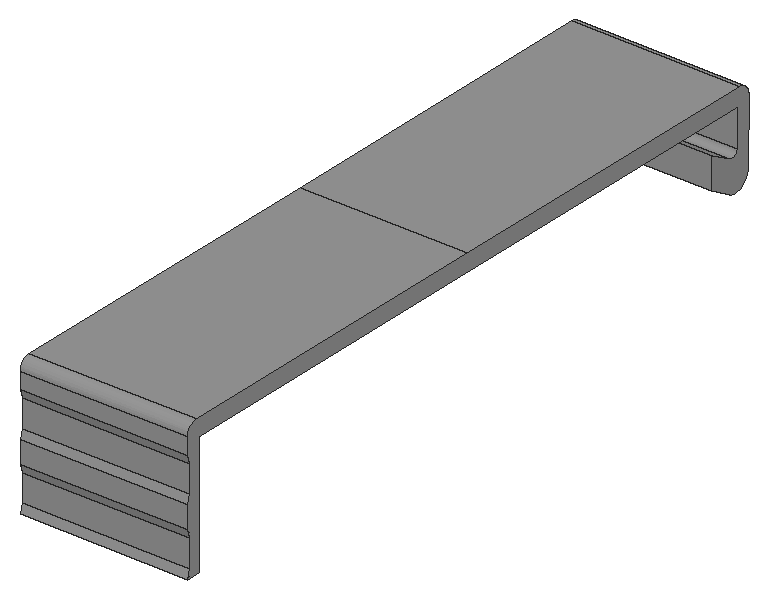
Revit family "Mounting Brackets PNR-07500", category Generic Models, Revit 2017
Family settings
  Can host rebar = No
  Round Connector Dimension = Use Diameter
  Part Type = Normal
  Work Plane-Based = Yes
  Always vertical = No
  Cut with Voids When Loaded = No
  Shared = No
  Room Calculation Point = No
Parameters (values of type "B3-R")
  Pendulum Visiblity = no
  Pendulum Start = 23.4 mm
  Pendulum Height [instance] = 250 mm
  Define - Bracket Article Number = "https://www.veko.com/images/documentation/products/Manual_Veko_linear_system_IP20-65_brackets.pdf"
  Default Elevation = 1219.2 mm
  Bracket Article Number = "*User Defined"
  B7-R = no
  B3-R = yes
  B1-R = no
  Mounting_Material = Aluminum 7175 T73 0 Hot Formed
  Model = "B3-R"
  Manufacturer = "Veko Lightsystems"
  Description = "Mounting Brackets"
  Bracket_Width = 15 mm
  Copyright © IVLighting = "www.ivlighting.nl"
  Bolt_Visibility = yes
  Bolt_Material = Brass, Soft Yellow, Welded
  Assembly Code = "63.0"
  (!) Note To User = "No Pendulum for BT30-R, BT45-R, BT60-R"  # constant formula
Reference planes
  plane 1 "Center (Front/Back)": y = 0
  plane 2: z = 0
  plane 3 "Center (Left/Right)": x = 0
Forms (mm)
  Extrusion 1, solid, material "Aluminum 7175 T73 0 Hot Formed" <- "Mounting_Material", visible <- "B1-R", not visible
    sketch origin (0, 0, 0) x (0, 1, 0) y (0, 0, 1)
      loop
        line (27.316, 16.457) -> (29.324, 15.313)
        arc (29.324, 15.313) -> (30.74, 15.32) -> (31.447, 16.548) r 1.42
        line (31.447, 16.548) -> (31.447, 22.478)
        arc (31.447, 22.478) -> (31.154, 23.185) -> (30.447, 23.478) r 1
        line (30.447, 23.478) -> (23.401, 23.478) -> (22.79, 22.866) -> (0.76, 22.866) -> (0.76, 39.839) -> (-0.76, 39.839) -> (-0.76, 22.866) -> (-22.79, 22.866) -> (-23.401, 23.478) -> (-30.447, 23.478)
        arc (-30.447, 23.478) -> (-31.154, 23.185) -> (-31.447, 22.478) r 1
        line (-31.447, 22.478) -> (-31.447, 16.548)
        arc (-31.447, 16.548) -> (-30.74, 15.32) -> (-29.324, 15.313) r 1.42
        line (-29.324, 15.313) -> (-27.316, 16.457) -> (-27.316, 19.29) -> (-29.392, 18.108)
        arc (-29.392, 18.108) -> (-29.937, 18.113) -> (-30.233, 18.572) r 0.575
        line (-30.233, 18.572) -> (-30.233, 21.978) -> (0, 21.978) -> (30.233, 21.978) -> (30.233, 18.572)
        arc (30.233, 18.572) -> (29.937, 18.113) -> (29.392, 18.108) r 0.575
        line (29.392, 18.108) -> (27.316, 19.29) -> (27.316, 16.457)
    from -7.5 to 7.5
  Extrusion 2, solid, material "Aluminum 7175 T73 0 Hot Formed" <- "Mounting_Material", visible <- "B3-R", not visible
    sketch origin (0, 0, 0) x (0, 1, 0) y (0, 0, 1)
      loop
        line (27.316, 16.457) -> (29.324, 15.313)
        arc (29.324, 15.313) -> (30.74, 15.32) -> (31.447, 16.548) r 1.42
        line (31.447, 16.548) -> (31.447, 22.478)
        arc (31.447, 22.478) -> (31.154, 23.185) -> (30.447, 23.478) r 1
        line (30.447, 23.478) -> (0, 23.478) -> (-30.447, 23.478)
        arc (-30.447, 23.478) -> (-31.154, 23.185) -> (-31.447, 22.478) r 1
        line (-31.447, 22.478) -> (-31.447, 20.993) -> (-31.171, 20.234) -> (-31.171, 17.78) -> (-31.447, 17.02) -> (-31.447, 15) -> (-31.171, 14.241) -> (-31.171, 11.786) -> (-31.447, 11.027) -> (-30.233, 11.027) -> (-30.233, 21.978) -> (0, 21.978) -> (30.233, 21.978) -> (30.233, 18.572)
        arc (30.233, 18.572) -> (29.937, 18.113) -> (29.392, 18.108) r 0.575
        line (29.392, 18.108) -> (27.316, 19.29) -> (27.316, 16.457)
    from -7.5 to 7.5
  Extrusion 3, solid, material "Aluminum 7175 T73 0 Hot Formed" <- "Mounting_Material", not visible
    sketch origin (0, 0, 0) x (0, 1, 0) y (0, 0, 1)
      loop
        line (27.316, 16.457) -> (29.324, 15.313)
        arc (29.324, 15.313) -> (30.74, 15.32) -> (31.447, 16.548) r 1.42
        line (31.447, 16.548) -> (31.447, 22.478)
        arc (31.447, 22.478) -> (31.154, 23.185) -> (30.447, 23.478) r 1
        line (30.447, 23.478) -> (0, 23.478) -> (-30.447, 23.478)
        arc (-30.447, 23.478) -> (-31.154, 23.185) -> (-31.447, 22.478) r 1
        line (-31.447, 22.478) -> (-31.447, 20.993) -> (-31.171, 20.234) -> (-31.171, 17.78) -> (-31.447, 17.02) -> (-31.447, 15) -> (-31.171, 14.241) -> (-31.171, 11.786) -> (-31.447, 11.027) -> (-30.233, 11.027) -> (-30.233, 21.978) -> (0, 21.978) -> (30.233, 21.978) -> (30.233, 18.572)
        arc (30.233, 18.572) -> (29.937, 18.113) -> (29.392, 18.108) r 0.575
        line (29.392, 18.108) -> (27.316, 19.29) -> (27.316, 16.457)
    from -7.5 to 7.5
  Extrusion 4, solid, material "Aluminum 7175 T73 0 Hot Formed" <- "Mounting_Material", not visible
    sketch origin (0, 0, 0) x (1, 0, 0) y (0, 1, 0)
      loop
        line (0, 10.171) -> (-8.808, 5.085) -> (-8.808, -5.085) -> (-8.808, -15.775) -> (1.45, -15.775) -> (1.45, -12.61) -> (-6.497, -12.61) -> (-6.497, -10.171) -> (0, -10.171) -> (8.808, -5.085) -> (8.808, 5.085) -> (8.808, 15.743) -> (-1.182, 15.743) -> (-1.182, 12.579) -> (6.497, 12.579) -> (6.497, 10.171) -> (0, 10.171)
    from 23.478 to 24.111
  Extrusion 5, solid, material "Aluminum 7175 T73 0 Hot Formed" <- "Mounting_Material", not visible
    sketch origin (4.609, -28.355, 0.16) x (-0.981627, 0, -0.190809) y (0, -1, 0)
      loop
        line (-8.808, -12.579) -> (-11.549, -14.161) -> (-8.808, -15.743) -> (-1.345, -15.743) -> (-1.345, -12.579) -> (-8.808, -12.579)
    from 23.478 to 24.111
  Extrusion 6, solid, material "Aluminum 7175 T73 0 Hot Formed" <- "Mounting_Material", not visible
    sketch origin (0, 0, 0) x (0, 1, 0) y (0, 0, 1)
      loop
        line (30.233, 21.978) -> (30.233, 20.905) -> (31.447, 20.905) -> (31.447, 22.478)
        arc (31.447, 22.478) -> (31.154, 23.185) -> (30.447, 23.478) r 1
        line (30.447, 23.478) -> (0, 23.478) -> (-30.447, 23.478)
        arc (-30.447, 23.478) -> (-31.154, 23.185) -> (-31.447, 22.478) r 1
        line (-31.447, 22.478) -> (-31.447, 20.905) -> (-30.233, 20.905) -> (-30.233, 21.978) -> (0, 21.978) -> (30.233, 21.978)
    from -7.5 to 7.5
  Extrusion 7, solid, material "Aluminum 7175 T73 0 Hot Formed" <- "Mounting_Material", not visible
    sketch origin (0, 0, 0) x (1, 0, 0) y (0, 0, 1)
      loop
        line (-15, 20.905) -> (-15, 15.847) -> (-10, 15.847) -> (-10, 20.905) -> (-15, 20.905)
      loop
        line (15, 20.905) -> (10, 20.905) -> (10, 15.851) -> (15, 15.851) -> (15, 20.905)
    from 30.233 to 31.447
  Extrusion 8, solid, material "Aluminum 7175 T73 0 Hot Formed" <- "Mounting_Material", not visible
    sketch origin (0, -4.92, -6.328) x (0, 0.958613, -0.284711) y (0, 0.284711, 0.958613)
      loop
        line (-32.138, 13.312) -> (-28.462, 16.989) -> (-29.144, 17.671) -> (-32.821, 13.994) -> (-32.138, 13.312)
    from -10.76 to 10.938
  Extrusion 9, solid, material "Aluminum 7175 T73 0 Hot Formed" <- "Mounting_Material", not visible
    sketch origin (0, 0, 0) x (1, 0, 0) y (0, 0, -1)
      loop
        line (-15, -20.905) -> (-10, -20.905) -> (-10, -15.847) -> (-15, -15.847) -> (-15, -20.905)
      loop
        line (15, -20.905) -> (15, -15.851) -> (10, -15.851) -> (10, -20.905) -> (15, -20.905)
    from 30.233 to 31.447
  Extrusion 10, solid, material "Aluminum 7175 T73 0 Hot Formed" <- "Mounting_Material", not visible
    sketch origin (0, 4.92, -6.328) x (0, -0.958613, -0.284711) y (0, 0.284711, -0.958613)
      loop
        line (-32.138, -13.312) -> (-32.821, -13.994) -> (-29.144, -17.671) -> (-28.462, -16.989) -> (-32.138, -13.312)
    from -10.76 to 10.938
  Extrusion 11, solid, material "Aluminum 7175 T73 0 Hot Formed" <- "Mounting_Material", not visible
    sketch origin (0, 0, 0) x (1, 0, 0) y (0, 0, 1)
      loop
        line (-3.185, 23.478) -> (3.185, 23.478) -> (3.185, 28.478)
        arc (3.185, 28.478) -> (2.24, 30.663) -> (0, 31.469) r 2.997
        arc (0, 31.469) -> (-2.24, 30.663) -> (-3.185, 28.478) r 2.997
        line (-3.185, 28.478) -> (-3.185, 23.478)
      loop
        circle (0, 29.23) r 1.368
    from -0.341 to 0.325
  Extrusion 12, solid, material "Aluminum 7175 T73 0 Hot Formed" <- "Mounting_Material", not visible
    sketch origin (0, 0, 0) x (0, 1, 0) y (0, 0, 1)
      loop
        line (30.233, 28.853) -> (30.233, 20.905) -> (31.447, 20.905) -> (31.447, 29.353)
        arc (31.447, 29.353) -> (31.154, 30.06) -> (30.447, 30.353) r 1
        line (30.447, 30.353) -> (0, 30.353) -> (-30.447, 30.353)
        arc (-30.447, 30.353) -> (-31.154, 30.06) -> (-31.447, 29.353) r 1
        line (-31.447, 29.353) -> (-31.447, 20.905) -> (-30.233, 20.905) -> (-30.233, 28.853) -> (-22.988, 28.853) -> (-18.15, 21.943) -> (0, 21.943) -> (18.15, 21.943) -> (22.988, 28.853) -> (30.233, 28.853)
      loop
        line (21.048, 28.853) -> (0, 28.853) -> (-21.048, 28.853) -> (-17.172, 23.317) -> (0, 23.317) -> (17.172, 23.317) -> (21.048, 28.853)
    from -7.5 to 7.5
  Extrusion 13, solid, material "Aluminum 7175 T73 0 Hot Formed" <- "Mounting_Material", not visible
    sketch origin (0, 0, 0) x (1, 0, 0) y (0, 0, 1)
      loop
        line (-15, 19.866) -> (-15, 15.847) -> (-10, 15.847) -> (-10, 19.866) -> (-15, 19.866)
      loop
        line (15, 19.866) -> (10, 19.866) -> (10, 15.851) -> (15, 15.851) -> (15, 19.866)
    from 30.233 to 31.447
  Extrusion 14, solid, material "Aluminum 7175 T73 0 Hot Formed" <- "Mounting_Material", not visible
    sketch origin (0, -4.92, -6.328) x (0, 0.958613, -0.284711) y (0, 0.284711, 0.958613)
      loop
        line (-32.138, 13.312) -> (-28.462, 16.989) -> (-29.144, 17.671) -> (-32.821, 13.994) -> (-32.138, 13.312)
    from -10.76 to 10.938
  Extrusion 15, solid, material "Aluminum 7175 T73 0 Hot Formed" <- "Mounting_Material", not visible
    sketch origin (0, 0, 0) x (1, 0, 0) y (0, 0, -1)
      loop
        line (-15, -19.866) -> (-10, -19.866) -> (-10, -15.847) -> (-15, -15.847) -> (-15, -19.866)
      loop
        line (15, -19.866) -> (15, -15.851) -> (10, -15.851) -> (10, -19.866) -> (15, -19.866)
    from 30.233 to 31.447
  Extrusion 16, solid, material "Aluminum 7175 T73 0 Hot Formed" <- "Mounting_Material", not visible
    sketch origin (0, 4.92, -6.328) x (0, -0.958613, -0.284711) y (0, 0.284711, -0.958613)
      loop
        line (-32.138, -13.312) -> (-32.821, -13.994) -> (-29.144, -17.671) -> (-28.462, -16.989) -> (-32.138, -13.312)
    from -10.76 to 10.938
  Extrusion 17, solid, material "Aluminum 7175 T73 0 Hot Formed" <- "Mounting_Material", not visible
    sketch origin (0, 0, 0) x (1, 0, 0) y (0, 0, 1)
      loop
        line (-15, 19.866) -> (-10, 19.866) -> (-10, 20.695) -> (10, 20.695) -> (10, 19.866) -> (15, 19.866)
        arc (15, 19.866) -> (11.572, 22.197) -> (7.5, 22.978) r 10.238
        line (7.5, 22.978) -> (0, 22.978) -> (-7.5, 22.978)
        arc (-7.5, 22.978) -> (-11.572, 22.197) -> (-15, 19.866) r 10.238
    from 30.233 to 31.447
  Extrusion 18, solid, material "Aluminum 7175 T73 0 Hot Formed" <- "Mounting_Material", not visible
    sketch origin (0, 0, 0) x (1, 0, 0) y (0, 0, -1)
      loop
        arc (-15, -19.866) -> (-11.572, -22.197) -> (-7.5, -22.978) r 10.238
        line (-7.5, -22.978) -> (0, -22.978) -> (7.5, -22.978)
        arc (7.5, -22.978) -> (11.572, -22.197) -> (15, -19.866) r 10.238
        line (15, -19.866) -> (10, -19.866) -> (10, -20.695) -> (-10, -20.695) -> (-10, -19.866) -> (-15, -19.866)
    from 30.233 to 31.447
  Extrusion 19, solid, material "Aluminum 7175 T73 0 Hot Formed" <- "Mounting_Material", not visible
    sketch origin (-4.333, -0.014, 0.175) x (0.981627, 0, -0.190809) y (0, 1, 0)
      loop
        line (-8.808, 12.579) -> (-1.345, 12.579) -> (-1.345, 15.743) -> (-8.808, 15.743) -> (-11.549, 14.161) -> (-8.808, 12.579)
    from 23.478 to 24.111
  Extrusion 20, solid, material "Aluminum 7175 T73 0 Hot Formed" <- "Mounting_Material", not visible
    sketch origin (0, 0, 0) x (0, 1, 0) y (0, 0, 1)
      loop
        line (30.233, 28.853) -> (30.233, 20.905) -> (31.447, 20.905) -> (31.447, 29.353)
        arc (31.447, 29.353) -> (31.154, 30.06) -> (30.447, 30.353) r 1
        line (30.447, 30.353) -> (0, 30.353) -> (-30.447, 30.353)
        arc (-30.447, 30.353) -> (-31.154, 30.06) -> (-31.447, 29.353) r 1
        line (-31.447, 29.353) -> (-31.447, 20.905) -> (-30.233, 20.905) -> (-30.233, 28.853) -> (-22.988, 28.853) -> (-18.806, 22.881) -> (0, 22.881) -> (18.806, 22.881) -> (22.988, 28.853) -> (30.233, 28.853)
      loop
        line (21.048, 28.853) -> (0, 28.853) -> (-21.048, 28.853) -> (-17.828, 24.255) -> (0, 24.255) -> (17.828, 24.255) -> (21.048, 28.853)
    from -7.5 to 7.5
  Extrusion 21, solid, material "Aluminum 7175 T73 0 Hot Formed" <- "Mounting_Material", not visible
    sketch origin (0, 0, 0) x (1, 0, 0) y (0, 0, 1)
      loop
        line (-15, 19.866) -> (-15, 15.847) -> (-10, 15.847) -> (-10, 19.866) -> (-15, 19.866)
      loop
        line (15, 19.866) -> (10, 19.866) -> (10, 15.851) -> (15, 15.851) -> (15, 19.866)
    from 30.233 to 31.447
  Extrusion 22, solid, material "Aluminum 7175 T73 0 Hot Formed" <- "Mounting_Material", not visible
    sketch origin (0, -4.92, -6.328) x (0, 0.958613, -0.284711) y (0, 0.284711, 0.958613)
      loop
        line (-32.138, 13.312) -> (-28.462, 16.989) -> (-29.144, 17.671) -> (-32.821, 13.994) -> (-32.138, 13.312)
    from -10.76 to 10.938
  Extrusion 23, solid, material "Aluminum 7175 T73 0 Hot Formed" <- "Mounting_Material", not visible
    sketch origin (0, 0, 0) x (1, 0, 0) y (0, 0, -1)
      loop
        line (-15, -19.866) -> (-10, -19.866) -> (-10, -15.847) -> (-15, -15.847) -> (-15, -19.866)
      loop
        line (15, -19.866) -> (15, -15.851) -> (10, -15.851) -> (10, -19.866) -> (15, -19.866)
    from 30.233 to 31.447
  Extrusion 24, solid, material "Aluminum 7175 T73 0 Hot Formed" <- "Mounting_Material", not visible
    sketch origin (0, 4.92, -6.328) x (0, -0.958613, -0.284711) y (0, 0.284711, -0.958613)
      loop
        line (-32.138, -13.312) -> (-32.821, -13.994) -> (-29.144, -17.671) -> (-28.462, -16.989) -> (-32.138, -13.312)
    from -10.76 to 10.938
  Extrusion 25, solid, material "Aluminum 7175 T73 0 Hot Formed" <- "Mounting_Material", not visible
    sketch origin (0, 0, 0) x (1, 0, 0) y (0, 0, 1)
      loop
        line (-15, 19.866) -> (-10, 19.866) -> (-10, 20.695) -> (10, 20.695) -> (10, 19.866) -> (15, 19.866)
        arc (15, 19.866) -> (11.572, 22.197) -> (7.5, 22.978) r 10.238
        line (7.5, 22.978) -> (0, 22.978) -> (-7.5, 22.978)
        arc (-7.5, 22.978) -> (-11.572, 22.197) -> (-15, 19.866) r 10.238
    from 30.233 to 31.447
  Extrusion 26, solid, material "Aluminum 7175 T73 0 Hot Formed" <- "Mounting_Material", not visible
    sketch origin (0, 0, 0) x (1, 0, 0) y (0, 0, -1)
      loop
        arc (-15, -19.866) -> (-11.572, -22.197) -> (-7.5, -22.978) r 10.238
        line (-7.5, -22.978) -> (0, -22.978) -> (7.5, -22.978)
        arc (7.5, -22.978) -> (11.572, -22.197) -> (15, -19.866) r 10.238
        line (15, -19.866) -> (10, -19.866) -> (10, -20.695) -> (-10, -20.695) -> (-10, -19.866) -> (-15, -19.866)
    from 30.233 to 31.447
  Extrusion 27, solid, material "Aluminum 7175 T73 0 Hot Formed" <- "Mounting_Material", not visible
    sketch origin (0, 0, 0) x (0, 1, 0) y (0, 0, 1)
      loop
        line (27.316, 16.457) -> (29.324, 15.313)
        arc (29.324, 15.313) -> (30.74, 15.32) -> (31.447, 16.548) r 1.42
        line (31.447, 16.548) -> (31.447, 22.478)
        arc (31.447, 22.478) -> (31.154, 23.185) -> (30.447, 23.478) r 1
        line (30.447, 23.478) -> (0.813, 23.478) -> (0.813, 35.978) -> (0, 35.978) -> (-0.813, 35.978) -> (-0.813, 23.478) -> (-30.447, 23.478)
        arc (-30.447, 23.478) -> (-31.154, 23.185) -> (-31.447, 22.478) r 1
        line (-31.447, 22.478) -> (-31.447, 20.993) -> (-31.171, 20.234) -> (-31.171, 17.78) -> (-31.447, 17.02) -> (-31.447, 15) -> (-31.171, 14.241) -> (-31.171, 11.786) -> (-31.447, 11.027) -> (-30.233, 11.027) -> (-30.233, 21.978) -> (0, 21.978) -> (30.233, 21.978) -> (30.233, 18.572)
        arc (30.233, 18.572) -> (29.937, 18.113) -> (29.392, 18.108) r 0.575
        line (29.392, 18.108) -> (27.316, 19.29) -> (27.316, 16.457)
    from -7.5 to 7.5
  Extrusion 28, solid, material "Aluminum 7175 T73 0 Hot Formed" <- "Mounting_Material", visible <- "B7-R", not visible
    sketch origin (0, 0, 0) x (0, 1, 0) y (0, 0, 1)
      loop
        line (27.316, 16.457) -> (29.324, 15.313)
        arc (29.324, 15.313) -> (30.74, 15.32) -> (31.447, 16.548) r 1.42
        line (31.447, 16.548) -> (31.447, 22.478) -> (3.042, 88.4) -> (1.542, 88.4) -> (0.731, 88.182) -> (-4.388, 88.182) -> (-5.154, 88.387)
        arc (-5.154, 88.387) -> (-5.737, 88.059) -> (-5.969, 87.431) r 0.969
        line (-5.969, 87.431) -> (-5.969, 85.938) -> (-5, 85.938) -> (-5, 87.4) -> (2.065, 87.4) -> (29.608, 23.478) -> (0, 23.478) -> (-30.447, 23.478)
        arc (-30.447, 23.478) -> (-31.154, 23.185) -> (-31.447, 22.478) r 1
        line (-31.447, 22.478) -> (-31.447, 20.993) -> (-31.171, 20.234) -> (-31.171, 17.78) -> (-31.447, 17.02) -> (-31.447, 15) -> (-31.171, 14.241) -> (-31.171, 11.786) -> (-31.447, 11.027) -> (-30.233, 11.027) -> (-30.233, 21.978) -> (0, 21.978) -> (30.233, 21.978) -> (30.233, 18.572)
        arc (30.233, 18.572) -> (29.937, 18.113) -> (29.392, 18.108) r 0.575
        line (29.392, 18.108) -> (27.316, 19.29) -> (27.316, 16.457)
    from -7.5 to 7.5
  Extrusion 29, solid, material "Aluminum 7175 T73 0 Hot Formed" <- "Mounting_Material", not visible
    sketch origin (0, 0, 0) x (0, 1, 0) y (0, 0, 1)
      loop
        line (27.316, 16.457) -> (29.324, 15.313)
        arc (29.324, 15.313) -> (30.74, 15.32) -> (31.447, 16.548) r 1.42
        line (31.447, 16.548) -> (31.447, 21.978) -> (32.247, 21.978)
        arc (32.247, 21.978) -> (33.17, 22.227) -> (33.843, 22.906) r 1.837
        line (33.843, 22.906) -> (49.45, 50.32) -> (48.147, 51.062) -> (32.443, 23.478) -> (0, 23.478) -> (-30.447, 23.478)
        arc (-30.447, 23.478) -> (-31.154, 23.185) -> (-31.447, 22.478) r 1
        line (-31.447, 22.478) -> (-31.447, 16.548)
        arc (-31.447, 16.548) -> (-30.74, 15.32) -> (-29.324, 15.313) r 1.42
        line (-29.324, 15.313) -> (-27.316, 16.457) -> (-27.316, 19.29) -> (-29.392, 18.108)
        arc (-29.392, 18.108) -> (-29.937, 18.113) -> (-30.233, 18.572) r 0.575
        line (-30.233, 18.572) -> (-30.233, 21.978) -> (0, 21.978) -> (30.233, 21.978) -> (30.233, 18.572)
        arc (30.233, 18.572) -> (29.937, 18.113) -> (29.392, 18.108) r 0.575
        line (29.392, 18.108) -> (27.316, 19.29) -> (27.316, 16.457)
    from -7.5 to 7.5
  Extrusion 30, solid, material "Aluminum 7175 T73 0 Hot Formed" <- "Mounting_Material", not visible
    sketch origin (0, 85, 0) x (0, 1, 0) y (0, 0, 1)
      loop
        line (-54.767, 11.027) -> (-53.77, 11.027) -> (-54.165, 11.855) -> (-54.165, 14.107) -> (-53.77, 15.038) -> (-53.77, 17.847) -> (-54.165, 18.798) -> (-54.165, 21.05) -> (-53.771, 21.978) -> (-52.753, 21.978)
        arc (-52.753, 21.978) -> (-51.83, 22.227) -> (-51.157, 22.906) r 1.837
        line (-51.157, 22.906) -> (-45.238, 33.302) -> (-46.542, 34.044) -> (-52.557, 23.478) -> (-55.118, 23.478) -> (-55.955, 23.254) -> (-58.249, 23.254) -> (-59.086, 23.478) -> (-61.38, 23.478) -> (-62.217, 23.254) -> (-64.512, 23.254) -> (-65.348, 23.478) -> (-67.643, 23.478) -> (-68.48, 23.254) -> (-70.774, 23.254) -> (-71.611, 23.478) -> (-73.905, 23.478) -> (-74.742, 23.254) -> (-77.036, 23.254) -> (-77.873, 23.478) -> (-80.167, 23.478) -> (-81.004, 23.254) -> (-83.299, 23.254) -> (-84.135, 23.478) -> (-86.43, 23.478) -> (-87.267, 23.254) -> (-89.561, 23.254) -> (-90.398, 23.478) -> (-92.692, 23.478) -> (-93.529, 23.254) -> (-95.823, 23.254) -> (-96.66, 23.478) -> (-98.954, 23.478) -> (-99.791, 23.254) -> (-102.086, 23.254) -> (-102.922, 23.478) -> (-105.217, 23.478) -> (-106.053, 23.254) -> (-108.348, 23.254) -> (-109.185, 23.478) -> (-111.479, 23.478) -> (-112.316, 23.254) -> (-114.61, 23.254) -> (-115.447, 23.478)
        arc (-115.447, 23.478) -> (-116.154, 23.185) -> (-116.447, 22.478) r 1
        line (-116.447, 22.478) -> (-116.054, 21.554) -> (-116.054, 17.516) -> (-116.45, 16.565)
        arc (-116.45, 16.565) -> (-115.743, 15.334) -> (-114.323, 15.324) r 1.426
        line (-114.323, 15.324) -> (-112.316, 16.457) -> (-112.316, 19.29) -> (-114.392, 18.108)
        arc (-114.392, 18.108) -> (-114.937, 18.113) -> (-115.233, 18.572) r 0.575
        line (-115.233, 18.572) -> (-115.233, 21.978) -> (-85, 21.978) -> (-54.767, 21.978) -> (-54.767, 11.027)
    from -7.5 to 7.5
  Extrusion 31, solid, material "Aluminum 7175 T73 0 Hot Formed" <- "Mounting_Material", not visible
    sketch origin (0, 0, 48.659) x (0, 1, 0) y (0, 0, 1)
      loop
        line (30.233, -37.632) -> (31.23, -37.632) -> (30.835, -36.805) -> (30.835, -34.552) -> (31.23, -33.621) -> (31.23, -30.812) -> (30.835, -29.862) -> (30.835, -27.609) -> (31.229, -26.865) -> (51.053, -26.865)
        arc (51.053, -26.865) -> (51.914, -26.658) -> (52.589, -26.084) r 1.9
        line (52.589, -26.084) -> (60.792, -17.377) -> (59.701, -16.348) -> (51.378, -25.181) -> (48.669, -25.181) -> (47.832, -25.405) -> (45.538, -25.405) -> (44.701, -25.181) -> (42.406, -25.181) -> (41.57, -25.405) -> (39.275, -25.405) -> (38.439, -25.181) -> (36.144, -25.181) -> (35.307, -25.405) -> (33.013, -25.405) -> (32.176, -25.181) -> (29.882, -25.181) -> (29.045, -25.405) -> (26.751, -25.405) -> (25.914, -25.181) -> (23.62, -25.181) -> (22.783, -25.405) -> (20.488, -25.405) -> (19.652, -25.181) -> (17.357, -25.181) -> (16.52, -25.405) -> (14.226, -25.405) -> (13.389, -25.181) -> (11.095, -25.181) -> (10.258, -25.405) -> (7.964, -25.405) -> (7.127, -25.181) -> (4.833, -25.181) -> (3.996, -25.405) -> (1.701, -25.405) -> (0.865, -25.181) -> (-1.43, -25.181) -> (-2.267, -25.405) -> (-4.561, -25.405) -> (-5.398, -25.181) -> (-7.692, -25.181) -> (-8.529, -25.405) -> (-10.823, -25.405) -> (-11.66, -25.181) -> (-13.954, -25.181) -> (-14.791, -25.405) -> (-17.086, -25.405) -> (-17.922, -25.181) -> (-20.217, -25.181) -> (-21.053, -25.405) -> (-23.348, -25.405) -> (-24.185, -25.181) -> (-26.479, -25.181) -> (-27.316, -25.405) -> (-29.61, -25.405) -> (-30.447, -25.181)
        arc (-30.447, -25.181) -> (-31.154, -25.474) -> (-31.447, -26.181) r 1
        line (-31.447, -26.181) -> (-31.054, -27.106) -> (-31.054, -31.143) -> (-31.45, -32.094)
        arc (-31.45, -32.094) -> (-30.743, -33.325) -> (-29.323, -33.336) r 1.426
        line (-29.323, -33.336) -> (-27.316, -32.203) -> (-27.316, -29.37) -> (-29.392, -30.552)
        arc (-29.392, -30.552) -> (-29.937, -30.546) -> (-30.233, -30.087) r 0.575
        line (-30.233, -30.087) -> (-30.233, -26.681) -> (0, -26.681) -> (30.233, -26.681) -> (30.233, -37.632)
    from -7.5 to 7.5
  Extrusion 32, solid, material "Aluminum 7175 T73 0 Hot Formed" <- "Mounting_Material", not visible
    sketch origin (-0.121, 0, 7.036) x (1, 0, 0) y (0, 1, 0)
      loop
        line (0, 10.171) -> (-8.808, 5.085) -> (-8.808, -5.085) -> (-8.808, -15.775) -> (1.45, -15.775) -> (1.45, -12.61) -> (-6.497, -12.61) -> (-6.497, -10.171) -> (0, -10.171) -> (8.808, -5.085) -> (8.808, 5.085) -> (8.808, 15.743) -> (-1.182, 15.743) -> (-1.182, 12.579) -> (6.497, 12.579) -> (6.497, 10.171) -> (0, 10.171)
    from 23.478 to 24.111
  Extrusion 33, solid, material "Aluminum 7175 T73 0 Hot Formed" <- "Mounting_Material", not visible
    sketch origin (4.488, -28.355, 7.196) x (-0.981627, 0, -0.190809) y (0, -1, 0)
      loop
        line (-8.808, -12.579) -> (-11.549, -14.161) -> (-8.808, -15.743) -> (-1.345, -15.743) -> (-1.345, -12.579) -> (-8.808, -12.579)
    from 23.478 to 24.111
  Extrusion 34, solid, material "Aluminum 7175 T73 0 Hot Formed" <- "Mounting_Material", not visible
    sketch origin (-4.463, -0.026, 7.196) x (0.981627, 0, -0.190809) y (0, 1, 0)
      loop
        line (-8.808, 12.579) -> (-1.345, 12.579) -> (-1.345, 15.743) -> (-8.808, 15.743) -> (-11.549, 14.161) -> (-8.808, 12.579)
    from 23.478 to 24.111
  Extrusion 35, solid, material "Aluminum 7175 T73 0 Hot Formed" <- "Mounting_Material", not visible
    sketch origin (0, 0, 21.9) x (0, 1, 0) y (0, 0, 1)
      loop
        arc (31.527, 39.693) -> (31.34, 40.143) -> (30.889, 40.33) r 0.637
        line (30.889, 40.33) -> (26.342, 40.33) -> (0.65, 97.402) -> (0.65, 107.259) -> (-0.65, 107.259) -> (-0.65, 96.933) -> (25.582, 38.662) -> (30.312, 38.662) -> (30.313, 20.737) -> (31.527, 20.737) -> (31.527, 21.718) -> (31.25, 22.477) -> (31.25, 24.932) -> (31.527, 25.691) -> (31.527, 27.711) -> (31.25, 28.471) -> (31.25, 30.925) -> (31.527, 31.684) -> (31.527, 33.705) -> (31.25, 34.464) -> (31.25, 36.919) -> (31.527, 37.678) -> (31.527, 39.693)
    from 0 to 8.75
  Extrusion 36, solid, material "Aluminum 7175 T73 0 Hot Formed" <- "Mounting_Material", not visible
    sketch origin (0, -0.233, -28.889) x (0, 1, 0) y (0, 0, 1)
      loop
        line (5.837, 138.361) -> (4.016, 138.361) -> (3.204, 138.144) -> (-1.915, 138.144) -> (-2.681, 138.349)
        arc (-2.681, 138.349) -> (-3.264, 138.02) -> (-3.495, 137.392) r 0.969
        line (-3.495, 137.392) -> (-3.495, 135.9) -> (-2.526, 135.9) -> (-2.526, 137.361) -> (4.784, 137.361) -> (25.815, 89.451) -> (30.545, 89.451) -> (30.545, 71.526) -> (31.759, 71.526) -> (31.759, 72.507) -> (31.483, 73.266) -> (31.483, 75.72) -> (31.759, 76.48) -> (31.759, 78.5) -> (31.483, 79.259) -> (31.483, 81.714) -> (31.759, 82.473) -> (31.759, 84.494) -> (31.483, 85.253) -> (31.483, 87.707) -> (31.759, 88.466) -> (31.759, 90.481)
        arc (31.759, 90.481) -> (31.573, 90.932) -> (31.122, 91.119) r 0.637
        line (31.122, 91.119) -> (26.575, 91.119) -> (5.837, 138.361)
    from -7.5 to 7.5
  Extrusion 37, solid, material "Aluminum 7175 T73 0 Hot Formed" <- "Mounting_Material", not visible
    sketch origin (0, 0, 21.9) x (0, 1, 0) y (0, 0, 1)
      loop
        line (5.071, 83.809) -> (3.065, 83.809) -> (2.253, 83.592) -> (-2.22, 83.592) -> (-2.985, 83.797)
        arc (-2.985, 83.797) -> (-3.569, 83.469) -> (-3.8, 82.841) r 0.969
        line (-3.8, 82.841) -> (-3.8, 81.348) -> (-2.831, 81.348) -> (-2.831, 82.809) -> (3.942, 82.809) -> (18.322, 58.649) -> (23.053, 58.649) -> (23.053, 40.724) -> (24.267, 40.724) -> (24.267, 41.705) -> (23.991, 42.464) -> (23.991, 44.919) -> (24.267, 45.678) -> (24.267, 47.698) -> (23.991, 48.457) -> (23.991, 50.912) -> (24.267, 51.671) -> (24.267, 53.692) -> (23.991, 54.451) -> (23.991, 56.905) -> (24.267, 57.665) -> (24.267, 59.679)
        arc (24.267, 59.679) -> (24.08, 60.13) -> (23.63, 60.317) r 0.637
        line (23.63, 60.317) -> (19.083, 60.317) -> (5.071, 83.809)
    from -7.5 to 7.5
  Extrusion 38, solid, material "Aluminum 7175 T73 0 Hot Formed" <- "Mounting_Material", not visible
    sketch origin (0, 0, 21.9) x (0, 1, 0) y (0, 0, 1)
      loop
        line (-19.083, 60.317) -> (-23.451, 60.317)
        arc (-23.451, 60.317) -> (-24.003, 60.088) -> (-24.231, 59.537) r 0.78
        line (-24.231, 59.537) -> (-24.231, 52.95) -> (-21.643, 52.95) -> (-21.643, 54.321) -> (-23.053, 54.321) -> (-23.053, 58.649) -> (-18.322, 58.649) -> (-5.064, 80.716) -> (-1.86, 80.716) -> (-1.86, 82.666) -> (-2.699, 82.666) -> (-2.699, 81.254) -> (-3.886, 81.254) -> (-3.886, 83.878) -> (-2.831, 83.878) -> (-1.86, 83.618) -> (-1.86, 84.724) -> (-5.071, 84.724) -> (-5.071, 83.636) -> (-19.083, 60.317)
    from -7.5 to 7.5
  Extrusion 39, solid, material "Aluminum 7175 T73 0 Hot Formed" <- "Mounting_Material", not visible
    sketch origin (0, 0, 21.9) x (0, 1, 0) y (0, 0, 1)
      loop
        line (4.533, 28.165) -> (2.267, 28.165) -> (2.267, 30.175) -> (0.73, 31.465) -> (0.73, 46.605) -> (-0.652, 46.605) -> (-0.652, 31.531) -> (-2.267, 30.175) -> (-2.267, 28.165) -> (-4.533, 28.165) -> (-6.218, 26.48) -> (-6.218, 23.733) -> (0, 23.733) -> (6.218, 23.733) -> (6.218, 26.48) -> (4.533, 28.165)
    from -7.5 to 7.5
  Extrusion 40, solid, material "Aluminum 7175 T73 0 Hot Formed" <- "Mounting_Material", not visible
    sketch origin (0, 0, 21.9) x (0, 1, 0) y (0, 0, 1)
      loop
        line (4.533, 28.165) -> (2.045, 28.165) -> (2.045, 30.211) -> (12.468, 30.211) -> (12.468, 90.211) -> (-6.218, 90.211) -> (-6.218, 86.79) -> (-4.773, 86.79) -> (-4.773, 88.776) -> (10.718, 88.776) -> (10.718, 31.777) -> (-12.468, 31.777) -> (-12.468, 30.211) -> (-2.037, 30.211) -> (-2.037, 28.165) -> (-4.533, 28.165) -> (-6.218, 26.48) -> (-6.218, 23.733) -> (0, 23.733) -> (6.218, 23.733) -> (6.218, 26.48) -> (4.533, 28.165)
    from -7.5 to 7.5
  Extrusion 41, solid, material "Aluminum 7175 T73 0 Hot Formed" <- "Mounting_Material", not visible
    sketch origin (0, 0, 21.9) x (0, 1, 0) y (0, 0, 1)
      loop
        line (4.533, 28.165) -> (2.267, 28.165) -> (2.267, 29.003) -> (1.256, 30.209) -> (-1.256, 30.209) -> (-2.267, 29.003) -> (-2.267, 28.165) -> (-4.533, 28.165) -> (-6.218, 26.48) -> (-6.218, 23.733) -> (0, 23.733) -> (6.218, 23.733) -> (6.218, 26.48) -> (4.533, 28.165)
    from -7.5 to 7.5
  Revolve 42, solid, material "Aluminum 7175 T73 0 Hot Formed" <- "Mounting_Material", not visible
    sketch origin (0, 0, 21.9) x (0, 1, 0) y (0, 0, 1)
      loop
        line (0, 30.209) -> (2.267, 30.209) -> (2.267, 67.425) -> (1.27, 67.425) -> (1.27, 72.72) -> (0, 72.72) -> (0, 30.209)
      axis (0, 72.72) -> (0, 30.209)
    angle from 0 to 360
  Extrusion 43, solid, material "Aluminum 7175 T73 0 Hot Formed" <- "Mounting_Material", not visible
    sketch origin (0, 0, 21.9) x (0, 1, 0) y (0, 0, 1)
      loop
        line (4.74, 28.665) -> (3.683, 27.155)
        arc (3.683, 27.155) -> (3.298, 27.024) -> (3.057, 27.352) r 0.344
        line (3.057, 27.352) -> (3.057, 33.9) -> (5.647, 33.9) -> (5.647, 48.605) -> (0, 48.605) -> (-5.647, 48.605) -> (-5.647, 33.9) -> (-3.057, 33.9) -> (-3.057, 27.352)
        arc (-3.057, 27.352) -> (-3.298, 27.024) -> (-3.683, 27.155) r 0.344
        line (-3.683, 27.155) -> (-4.74, 28.665) -> (-5.339, 28.066) -> (-3.043, 24.787)
        arc (-3.043, 24.787) -> (-2.691, 24.668) -> (-2.471, 24.967) r 0.314
        line (-2.471, 24.967) -> (-2.471, 34.442) -> (-5.087, 34.442) -> (-5.087, 48.023) -> (0, 48.023) -> (5.087, 48.023) -> (5.087, 34.442) -> (2.471, 34.442) -> (2.471, 24.967)
        arc (2.471, 24.967) -> (2.691, 24.668) -> (3.043, 24.787) r 0.314
        line (3.043, 24.787) -> (5.339, 28.066) -> (4.74, 28.665)
    from -7.5 to 7.5
  Extrusion 44, solid, material "Aluminum 7175 T73 0 Hot Formed" <- "Mounting_Material", not visible
    sketch origin (0, 0, 21.9) x (0, 1, 0) y (0, 0, 1)
      loop
        line (4.74, 28.665) -> (3.683, 27.155)
        arc (3.683, 27.155) -> (3.298, 27.024) -> (3.057, 27.352) r 0.344
        line (3.057, 27.352) -> (3.057, 33.9) -> (5.647, 33.9) -> (5.647, 48.605) -> (0, 48.605) -> (-5.647, 48.605) -> (-5.647, 33.9) -> (-3.057, 33.9) -> (-3.057, 27.352)
        arc (-3.057, 27.352) -> (-3.298, 27.024) -> (-3.683, 27.155) r 0.344
        line (-3.683, 27.155) -> (-4.74, 28.665) -> (-5.339, 28.066) -> (-3.043, 24.787)
        arc (-3.043, 24.787) -> (-2.691, 24.668) -> (-2.471, 24.967) r 0.314
        line (-2.471, 24.967) -> (-2.471, 34.442) -> (-5.087, 34.442) -> (-5.087, 48.023) -> (0, 48.023) -> (5.087, 48.023) -> (5.087, 34.442) -> (2.471, 34.442) -> (2.471, 24.967)
        arc (2.471, 24.967) -> (2.691, 24.668) -> (3.043, 24.787) r 0.314
        line (3.043, 24.787) -> (5.339, 28.066) -> (4.74, 28.665)
    from -7.5 to 7.5
  Extrusion 45, solid, material "Aluminum 7175 T73 0 Hot Formed" <- "Mounting_Material", not visible
    sketch origin (0, 0, 47.003) x (1, 0, 0) y (0, 1, 0)
      loop
        line (0, 10.171) -> (-8.808, 5.085) -> (-8.808, -5.085) -> (-8.808, -15.775) -> (1.45, -15.775) -> (1.45, -12.61) -> (-6.497, -12.61) -> (-6.497, -10.171) -> (0, -10.171) -> (8.808, -5.085) -> (8.808, 5.085) -> (8.808, 15.743) -> (-1.182, 15.743) -> (-1.182, 12.579) -> (6.497, 12.579) -> (6.497, 10.171) -> (0, 10.171)
    from 23.478 to 24.111
  Extrusion 46, solid, material "Aluminum 7175 T73 0 Hot Formed" <- "Mounting_Material", not visible
    sketch origin (4.609, -28.355, 47.163) x (-0.981627, 0, -0.190809) y (0, -1, 0)
      loop
        line (-8.808, -12.579) -> (-11.549, -14.161) -> (-8.808, -15.743) -> (-1.345, -15.743) -> (-1.345, -12.579) -> (-8.808, -12.579)
    from 23.478 to 24.111
  Extrusion 47, solid, material "Aluminum 7175 T73 0 Hot Formed" <- "Mounting_Material", not visible
    sketch origin (-4.342, -0.026, 47.163) x (0.981627, 0, -0.190809) y (0, 1, 0)
      loop
        line (-8.808, 12.579) -> (-1.345, 12.579) -> (-1.345, 15.743) -> (-8.808, 15.743) -> (-11.549, 14.161) -> (-8.808, 12.579)
    from 23.478 to 24.111
  Extrusion 48, solid, material "Aluminum 7175 T73 0 Hot Formed" <- "Mounting_Material", visible <- "B1-R"
    sketch origin (0, 0, -0.078) x (0, 1, 0) y (0, 0, 1)
      loop
        line (27.316, 16.457) -> (29.324, 15.313)
        arc (29.324, 15.313) -> (30.74, 15.32) -> (31.447, 16.548) r 1.42
        line (31.447, 16.548) -> (31.447, 22.478)
        arc (31.447, 22.478) -> (31.154, 23.185) -> (30.447, 23.478) r 1
        line (30.447, 23.478) -> (23.401, 23.478) -> (22.79, 22.866) -> (0.76, 22.866) -> (0.76, 39.839) -> (-0.76, 39.839) -> (-0.76, 22.866) -> (-22.79, 22.866) -> (-23.401, 23.478) -> (-30.447, 23.478)
        arc (-30.447, 23.478) -> (-31.154, 23.185) -> (-31.447, 22.478) r 1
        line (-31.447, 22.478) -> (-31.447, 16.548)
        arc (-31.447, 16.548) -> (-30.74, 15.32) -> (-29.324, 15.313) r 1.42
        line (-29.324, 15.313) -> (-27.316, 16.457) -> (-27.316, 19.29) -> (-29.392, 18.108)
        arc (-29.392, 18.108) -> (-29.937, 18.113) -> (-30.233, 18.572) r 0.575
        line (-30.233, 18.572) -> (-30.233, 21.978) -> (0, 21.978) -> (30.233, 21.978) -> (30.233, 18.572)
        arc (30.233, 18.572) -> (29.937, 18.113) -> (29.392, 18.108) r 0.575
        line (29.392, 18.108) -> (27.316, 19.29) -> (27.316, 16.457)
    from -7.5 to 7.5
  Extrusion 49, solid, material "Aluminum 7175 T73 0 Hot Formed" <- "Mounting_Material", visible <- "B3-R"
    sketch origin (0, 0, -0.078) x (0, 1, 0) y (0, 0, 1)
      loop
        line (27.316, 16.457) -> (29.324, 15.313)
        arc (29.324, 15.313) -> (30.74, 15.32) -> (31.447, 16.548) r 1.42
        line (31.447, 16.548) -> (31.447, 22.478)
        arc (31.447, 22.478) -> (31.154, 23.185) -> (30.447, 23.478) r 1
        line (30.447, 23.478) -> (0, 23.478) -> (-30.447, 23.478)
        arc (-30.447, 23.478) -> (-31.154, 23.185) -> (-31.447, 22.478) r 1
        line (-31.447, 22.478) -> (-31.447, 20.993) -> (-31.171, 20.234) -> (-31.171, 17.78) -> (-31.447, 17.02) -> (-31.447, 15) -> (-31.171, 14.241) -> (-31.171, 11.786) -> (-31.447, 11.027) -> (-30.233, 11.027) -> (-30.233, 21.978) -> (0, 21.978) -> (30.233, 21.978) -> (30.233, 18.572)
        arc (30.233, 18.572) -> (29.937, 18.113) -> (29.392, 18.108) r 0.575
        line (29.392, 18.108) -> (27.316, 19.29) -> (27.316, 16.457)
    from -7.5 to 7.5
  Extrusion 50, solid, material "Aluminum 7175 T73 0 Hot Formed" <- "Mounting_Material", visible <- "B7-R"
    sketch origin (0, 0, -0.078) x (0, 1, 0) y (0, 0, 1)
      loop
        line (27.316, 16.457) -> (29.324, 15.313)
        arc (29.324, 15.313) -> (30.74, 15.32) -> (31.447, 16.548) r 1.42
        line (31.447, 16.548) -> (31.447, 22.478) -> (3.042, 88.4) -> (1.542, 88.4) -> (0.731, 88.182) -> (-4.388, 88.182) -> (-5.154, 88.387)
        arc (-5.154, 88.387) -> (-5.737, 88.059) -> (-5.969, 87.431) r 0.969
        line (-5.969, 87.431) -> (-5.969, 85.938) -> (-5, 85.938) -> (-5, 87.4) -> (2.065, 87.4) -> (29.608, 23.478) -> (0, 23.478) -> (-30.447, 23.478)
        arc (-30.447, 23.478) -> (-31.154, 23.185) -> (-31.447, 22.478) r 1
        line (-31.447, 22.478) -> (-31.447, 20.993) -> (-31.171, 20.234) -> (-31.171, 17.78) -> (-31.447, 17.02) -> (-31.447, 15) -> (-31.171, 14.241) -> (-31.171, 11.786) -> (-31.447, 11.027) -> (-30.233, 11.027) -> (-30.233, 21.978) -> (0, 21.978) -> (30.233, 21.978) -> (30.233, 18.572)
        arc (30.233, 18.572) -> (29.937, 18.113) -> (29.392, 18.108) r 0.575
        line (29.392, 18.108) -> (27.316, 19.29) -> (27.316, 16.457)
    from -7.5 to 7.5
  Extrusion 51, solid, visible <- "Pendulum Visiblity"
    sketch origin (0, 0, 21.9) x (1, 0, 0) y (0, 1, 0)
      loop
        circle (0, 0) r 1.031
    from 1.5 to 251.5
Lines and regions (mm)
  model lines, not visible
    curve 1: circle (0, 0, 24.103) r 5.795 normal (0, 0, 1)
    curve 2: circle (0, 0, 24.103) r 5 normal (0, 0, 1)
    curve 3: circle (0, 0, 24.103) r 2.19 normal (0, 0, 1)
    curve 4: circle (0, 0, 24.103) r 5.795 normal (0, 0, 1)
    curve 5: circle (0, 0, 24.103) r 5 normal (0, 0, 1)
    curve 6: circle (0, 0, 24.103) r 2.19 normal (0, 0, 1)
    curve 7: circle (0, 0, 24.103) r 5.795 normal (0, 0, 1)
    curve 8: circle (0, 0, 24.103) r 5 normal (0, 0, 1)
    curve 9: circle (0, 0, 24.103) r 2.19 normal (0, 0, 1)
    curve 10: circle (0, 0, 24.103) r 5.795 normal (0, 0, 1)
    curve 11: circle (0, 0, 24.103) r 5 normal (0, 0, 1)
    curve 12: circle (0, 0, 24.103) r 2.19 normal (0, 0, 1)
    curve 13: circle (-0.121, 0, 31.139) r 5.795 normal (0, 0, 1)
    curve 14: circle (-0.121, 0, 31.139) r 5 normal (0, 0, 1)
    curve 15: circle (-0.121, 0, 31.139) r 2.19 normal (0, 0, 1)
    curve 16: circle (0, 0, 71.106) r 5.795 normal (0, 0, 1)
    curve 17: circle (0, 0, 71.106) r 5 normal (0, 0, 1)
    curve 18: circle (0, 0, 71.106) r 2.19 normal (0, 0, 1)
Dimensions and locks
  Extrusion 36 to Extrusion 36 = 15 mm
  Extrusion 37 sketch curve to Extrusion 38 = 10.142 mm
  Extrusion 37 to Extrusion 37 = 15 mm
  Extrusion 38 to Extrusion 38 = 15 mm
  Extrusion 39 to Extrusion 39 = 15 mm
  Extrusion 40 sketch curve to Extrusion 40 sketch curve = 24.935 mm
  Extrusion 40 to Extrusion 40 = 15 mm
  Extrusion 41 to Extrusion 41 = 15 mm
  Extrusion 43 to Extrusion 43 = 15 mm
  Extrusion 44 to Extrusion 44 = 15 mm
  "Pendulum Start": Extrusion 51 to plane 2
  "Pendulum Height": Extrusion 51 to Extrusion 51
  aligned and locked: level to plane 2
Automatic sketch dimensions
  plane 1 "Center (Front/Back)" to Extrusion 35 sketch curve = 0.65 mm
  Extrusion 35 sketch curve to plane 1 "Center (Front/Back)" = 0.65 mm
  Extrusion 35 sketch curve to plane 1 "Center (Front/Back)" = 25.582 mm
  Extrusion 35 sketch curve to Extrusion 35 sketch curve = 0.76 mm
  Extrusion 35 sketch curve to Extrusion 35 sketch curve = 3.97 mm
  Extrusion 35 sketch curve to Extrusion 35 sketch curve = 0.577 mm
  Extrusion 35 sketch curve to Extrusion 35 sketch curve = 0.938 mm  (x2)
  Extrusion 35 sketch curve to Extrusion 35 sketch curve = 0 mm
  Extrusion 35 sketch curve to Extrusion 35 sketch curve = 0.276 mm  (x4)
  level to Extrusion 35 sketch curve = 42.637 mm
  Extrusion 35 sketch curve to Extrusion 35 sketch curve = 0.981 mm
  Extrusion 35 sketch curve to Extrusion 35 sketch curve = 0.759 mm  (x6)
  Extrusion 35 sketch curve to Extrusion 35 sketch curve = 2.455 mm  (x3)
  Extrusion 35 sketch curve to Extrusion 35 sketch curve = 2.021 mm  (x2)
  Extrusion 35 sketch curve to Extrusion 35 sketch curve = 0.985 mm
  Extrusion 35 sketch curve to Extrusion 35 sketch curve = 1.03 mm
  Extrusion 35 sketch curve to Extrusion 35 sketch curve = 56.603 mm
  Extrusion 35 sketch curve to Extrusion 35 sketch curve = 0.469 mm
  Extrusion 35 sketch curve to Extrusion 35 sketch curve = 9.857 mm
  plane 1 "Center (Front/Back)" to Extrusion 36 sketch curve = 3.728 mm
  Extrusion 36 sketch curve to Extrusion 36 sketch curve = 0.814 mm
  Extrusion 36 sketch curve to Extrusion 36 sketch curve = 0.969 mm
  Extrusion 36 sketch curve to Extrusion 36 sketch curve = 0 mm  (x2)
  Extrusion 36 sketch curve to Extrusion 36 sketch curve = 0.766 mm
  Extrusion 36 sketch curve to plane 1 "Center (Front/Back)" = 2.971 mm
  Extrusion 36 sketch curve to Extrusion 36 sketch curve = 0.812 mm
  Extrusion 36 sketch curve to Extrusion 36 sketch curve = 0.768 mm
  Extrusion 36 sketch curve to Extrusion 36 sketch curve = 1.053 mm
  Extrusion 36 sketch curve to plane 1 "Center (Front/Back)" = 25.582 mm
  Extrusion 36 sketch curve to Extrusion 36 sketch curve = 0.76 mm
  Extrusion 36 sketch curve to Extrusion 36 sketch curve = 3.97 mm
  Extrusion 36 sketch curve to Extrusion 36 sketch curve = 0.577 mm
  Extrusion 36 sketch curve to Extrusion 36 sketch curve = 0.938 mm  (x2)
  Extrusion 36 sketch curve to Extrusion 36 sketch curve = 0.276 mm  (x4)
  level to Extrusion 36 sketch curve = 42.637 mm
  Extrusion 36 sketch curve to Extrusion 36 sketch curve = 0.981 mm
  Extrusion 36 sketch curve to Extrusion 36 sketch curve = 0.759 mm  (x6)
  Extrusion 36 sketch curve to Extrusion 36 sketch curve = 2.455 mm  (x3)
  Extrusion 36 sketch curve to Extrusion 36 sketch curve = 2.021 mm  (x2)
  Extrusion 36 sketch curve to Extrusion 36 sketch curve = 0.985 mm
  Extrusion 36 sketch curve to Extrusion 36 sketch curve = 1.03 mm
  Extrusion 36 sketch curve to Extrusion 36 sketch curve = 44.781 mm
  Extrusion 36 sketch curve to Extrusion 36 sketch curve = 1.461 mm
  Extrusion 36 sketch curve to Extrusion 36 sketch curve = 0.031 mm
  Extrusion 36 sketch curve to Extrusion 36 sketch curve = 0.205 mm
  Extrusion 36 sketch curve to Extrusion 36 sketch curve = 0.217 mm
  plane 1 "Center (Front/Back)" to Extrusion 37 sketch curve = 3.8 mm
  Extrusion 37 sketch curve to Extrusion 37 sketch curve = 0.814 mm
  Extrusion 37 sketch curve to Extrusion 37 sketch curve = 0.969 mm
  Extrusion 37 sketch curve to Extrusion 37 sketch curve = 0 mm  (x2)
  Extrusion 37 sketch curve to Extrusion 37 sketch curve = 0.766 mm
  Extrusion 37 sketch curve to plane 1 "Center (Front/Back)" = 2.253 mm
  Extrusion 37 sketch curve to Extrusion 37 sketch curve = 0.812 mm
  Extrusion 37 sketch curve to Extrusion 37 sketch curve = 0.877 mm
  Extrusion 37 sketch curve to Extrusion 37 sketch curve = 1.129 mm
  Extrusion 37 sketch curve to plane 1 "Center (Front/Back)" = 18.322 mm
  Extrusion 37 sketch curve to Extrusion 37 sketch curve = 0.76 mm
  Extrusion 37 sketch curve to Extrusion 37 sketch curve = 3.97 mm
  Extrusion 37 sketch curve to Extrusion 37 sketch curve = 0.577 mm
  Extrusion 37 sketch curve to Extrusion 37 sketch curve = 0.938 mm  (x2)
  Extrusion 37 sketch curve to Extrusion 37 sketch curve = 0.276 mm  (x4)
  level to Extrusion 37 sketch curve = 62.624 mm
  Extrusion 37 sketch curve to Extrusion 37 sketch curve = 0.981 mm
  Extrusion 37 sketch curve to Extrusion 37 sketch curve = 0.759 mm  (x6)
  Extrusion 37 sketch curve to Extrusion 37 sketch curve = 2.455 mm  (x3)
  Extrusion 37 sketch curve to Extrusion 37 sketch curve = 2.021 mm  (x2)
  Extrusion 37 sketch curve to Extrusion 37 sketch curve = 0.985 mm
  Extrusion 37 sketch curve to Extrusion 37 sketch curve = 1.03 mm
  Extrusion 37 sketch curve to Extrusion 37 sketch curve = 21.031 mm
  Extrusion 37 sketch curve to Extrusion 37 sketch curve = 1.461 mm
  Extrusion 37 sketch curve to Extrusion 37 sketch curve = 0.031 mm
  Extrusion 37 sketch curve to Extrusion 37 sketch curve = 0.205 mm
  Extrusion 37 sketch curve to Extrusion 37 sketch curve = 0.217 mm
  plane 1 "Center (Front/Back)" to Extrusion 38 sketch curve = 24.231 mm
  Extrusion 38 sketch curve to Extrusion 38 sketch curve = 0.78 mm
  Extrusion 38 sketch curve to Extrusion 38 sketch curve = 0.398 mm
  Extrusion 38 sketch curve to Extrusion 38 sketch curve = 1.41 mm
  Extrusion 38 sketch curve to Extrusion 38 sketch curve = 3.97 mm
  Extrusion 38 sketch curve to Extrusion 38 sketch curve = 0.76 mm
  plane 1 "Center (Front/Back)" to Extrusion 38 sketch curve = 5.071 mm
  Extrusion 38 sketch curve to Extrusion 38 sketch curve = 0.008 mm
  Extrusion 38 sketch curve to Extrusion 38 sketch curve = 1.185 mm
  Extrusion 38 sketch curve to Extrusion 38 sketch curve = 1.055 mm
  Extrusion 38 sketch curve to Extrusion 38 sketch curve = 1.187 mm
  Extrusion 38 sketch curve to Extrusion 38 sketch curve = 0.971 mm
  Extrusion 38 sketch curve to Extrusion 38 sketch curve = 0.839 mm
  level to Extrusion 38 sketch curve = 74.85 mm
  Extrusion 38 sketch curve to Extrusion 38 sketch curve = 1.371 mm
  Extrusion 38 sketch curve to Extrusion 38 sketch curve = 4.329 mm
  Extrusion 38 sketch curve to Extrusion 38 sketch curve = 0.887 mm
  Extrusion 38 sketch curve to Extrusion 38 sketch curve = 20.399 mm
  Extrusion 38 sketch curve to Extrusion 38 sketch curve = 0.538 mm
  Extrusion 38 sketch curve to Extrusion 38 sketch curve = 1.412 mm
  Extrusion 38 sketch curve to Extrusion 38 sketch curve = 0.952 mm
  Extrusion 38 sketch curve to Extrusion 38 sketch curve = 0.97 mm
  Extrusion 38 sketch curve to Extrusion 38 sketch curve = 0.26 mm
  Extrusion 38 sketch curve to Extrusion 38 sketch curve = 1.088 mm
  Extrusion 39 sketch curve to plane 1 "Center (Front/Back)" = 0 mm
  plane 1 "Center (Front/Back)" to Extrusion 39 sketch curve = 0.652 mm
  Extrusion 39 sketch curve to Extrusion 39 sketch curve = 1.615 mm
  Extrusion 39 sketch curve to Extrusion 39 sketch curve = 2.266 mm  (x2)
  Extrusion 39 sketch curve to Extrusion 39 sketch curve = 1.684 mm  (x4)
  Extrusion 39 sketch curve to plane 1 "Center (Front/Back)" = 0.73 mm
  Extrusion 39 sketch curve to plane 1 "Center (Front/Back)" = 2.267 mm
  level to Extrusion 39 sketch curve = 45.633 mm
  Extrusion 39 sketch curve to Extrusion 39 sketch curve = 2.747 mm  (x2)
  Extrusion 39 sketch curve to Extrusion 39 sketch curve = 2.01 mm  (x2)
  Extrusion 39 sketch curve to Extrusion 39 sketch curve = 1.29 mm
  Extrusion 39 sketch curve to Extrusion 39 sketch curve = 0.066 mm
  Extrusion 39 sketch curve to Extrusion 39 sketch curve = 15.075 mm
  Extrusion 40 sketch curve to plane 1 "Center (Front/Back)" = 0 mm
  plane 1 "Center (Front/Back)" to Extrusion 40 sketch curve = 2.037 mm
  Extrusion 40 sketch curve to Extrusion 40 sketch curve = 2.496 mm
  plane 1 "Center (Front/Back)" to Extrusion 40 sketch curve = 4.773 mm
  Extrusion 40 sketch curve to Extrusion 40 sketch curve = 1.684 mm  (x4)
  Extrusion 40 sketch curve to Extrusion 40 sketch curve = 1.445 mm
  Extrusion 40 sketch curve to Extrusion 40 sketch curve = 6.25 mm
  Extrusion 40 sketch curve to plane 1 "Center (Front/Back)" = 2.045 mm
  Extrusion 40 sketch curve to Extrusion 40 sketch curve = 2.488 mm
  Extrusion 40 sketch curve to plane 1 "Center (Front/Back)" = 10.718 mm
  Extrusion 40 sketch curve to Extrusion 40 sketch curve = 1.749 mm
  level to Extrusion 40 sketch curve = 45.633 mm
  Extrusion 40 sketch curve to Extrusion 40 sketch curve = 2.747 mm  (x2)
  Extrusion 40 sketch curve to Extrusion 40 sketch curve = 2.046 mm  (x2)
  Extrusion 40 sketch curve to Extrusion 40 sketch curve = 1.567 mm
  Extrusion 40 sketch curve to Extrusion 40 sketch curve = 55.013 mm
  Extrusion 40 sketch curve to Extrusion 40 sketch curve = 1.986 mm
  Extrusion 40 sketch curve to Extrusion 40 sketch curve = 1.435 mm
  Extrusion 41 sketch curve to plane 1 "Center (Front/Back)" = 0 mm
  plane 1 "Center (Front/Back)" to Extrusion 41 sketch curve = 1.256 mm
  plane 1 "Center (Front/Back)" to Extrusion 41 sketch curve = 2.267 mm
  Extrusion 41 sketch curve to Extrusion 41 sketch curve = 2.266 mm  (x2)
  Extrusion 41 sketch curve to Extrusion 41 sketch curve = 1.684 mm  (x4)
  Extrusion 41 sketch curve to plane 1 "Center (Front/Back)" = 1.256 mm
  Extrusion 41 sketch curve to Extrusion 41 sketch curve = 1.012 mm
  level to Extrusion 41 sketch curve = 45.633 mm
  Extrusion 41 sketch curve to Extrusion 41 sketch curve = 2.747 mm  (x2)
  Extrusion 41 sketch curve to Extrusion 41 sketch curve = 0.839 mm  (x2)
  Extrusion 41 sketch curve to Extrusion 41 sketch curve = 1.205 mm
  Revolve 42 sketch curve to plane 1 "Center (Front/Back)" = 0 mm  (x2)
  Revolve 42 sketch curve to plane 1 "Center (Front/Back)" = 1.27 mm
  Revolve 42 sketch curve to plane 1 "Center (Front/Back)" = 2.267 mm
  level to Revolve 42 sketch curve = 52.109 mm
  Revolve 42 sketch curve to Revolve 42 sketch curve = 37.216 mm
  Revolve 42 sketch curve to Revolve 42 sketch curve = 5.295 mm
  Revolve 42 sketch curve to Revolve 42 sketch curve = 17.36 mm
  Revolve 42 sketch curve to Revolve 42 sketch curve = 4.577 mm
  Extrusion 43 sketch curve to plane 1 "Center (Front/Back)" = 0 mm  (x2)
  plane 1 "Center (Front/Back)" to Extrusion 43 sketch curve = 2.471 mm
  Extrusion 43 sketch curve to Extrusion 43 sketch curve = 0.314 mm  (x2)
  Extrusion 43 sketch curve to Extrusion 43 sketch curve = 0.257 mm  (x2)
  Extrusion 43 sketch curve to Extrusion 43 sketch curve = 0.586 mm  (x2)
  Extrusion 43 sketch curve to Extrusion 43 sketch curve = 0.344 mm  (x2)
  Extrusion 43 sketch curve to Extrusion 43 sketch curve = 0.282 mm  (x2)
  Extrusion 43 sketch curve to Extrusion 43 sketch curve = 1.057 mm  (x2)
  Extrusion 43 sketch curve to Extrusion 43 sketch curve = 2.03 mm
  Extrusion 43 sketch curve to Extrusion 43 sketch curve = 0.598 mm  (x4)
  Extrusion 43 sketch curve to Extrusion 43 sketch curve = 0.56 mm  (x2)
  Extrusion 43 sketch curve to plane 1 "Center (Front/Back)" = 2.471 mm
  Extrusion 43 sketch curve to Extrusion 43 sketch curve = 5.087 mm
  level to Extrusion 43 sketch curve = 46.687 mm
  Extrusion 43 sketch curve to Extrusion 43 sketch curve = 0.18 mm
  Extrusion 43 sketch curve to Extrusion 43 sketch curve = 2.187 mm  (x2)
  Extrusion 43 sketch curve to Extrusion 43 sketch curve = 0.912 mm  (x2)
  Extrusion 43 sketch curve to Extrusion 43 sketch curve = 5.235 mm  (x2)
  Extrusion 43 sketch curve to Extrusion 43 sketch curve = 0.542 mm  (x2)
  Extrusion 43 sketch curve to Extrusion 43 sketch curve = 13.581 mm
  Extrusion 43 sketch curve to Extrusion 43 sketch curve = 0.582 mm
  Extrusion 44 sketch curve to plane 1 "Center (Front/Back)" = 0 mm  (x2)
  plane 1 "Center (Front/Back)" to Extrusion 44 sketch curve = 2.471 mm
  Extrusion 44 sketch curve to Extrusion 44 sketch curve = 0.314 mm  (x2)
  Extrusion 44 sketch curve to Extrusion 44 sketch curve = 0.257 mm  (x2)
  Extrusion 44 sketch curve to Extrusion 44 sketch curve = 0.586 mm  (x2)
  Extrusion 44 sketch curve to Extrusion 44 sketch curve = 0.344 mm  (x2)
  Extrusion 44 sketch curve to Extrusion 44 sketch curve = 0.282 mm  (x2)
  Extrusion 44 sketch curve to Extrusion 44 sketch curve = 1.057 mm  (x2)
  Extrusion 44 sketch curve to Extrusion 44 sketch curve = 2.03 mm
  Extrusion 44 sketch curve to Extrusion 44 sketch curve = 0.598 mm  (x4)
  Extrusion 44 sketch curve to Extrusion 44 sketch curve = 0.56 mm  (x2)
  Extrusion 44 sketch curve to plane 1 "Center (Front/Back)" = 2.471 mm
  Extrusion 44 sketch curve to Extrusion 44 sketch curve = 5.087 mm
  level to Extrusion 44 sketch curve = 46.687 mm
  Extrusion 44 sketch curve to Extrusion 44 sketch curve = 0.18 mm
  Extrusion 44 sketch curve to Extrusion 44 sketch curve = 2.187 mm  (x2)
  Extrusion 44 sketch curve to Extrusion 44 sketch curve = 0.912 mm  (x2)
  Extrusion 44 sketch curve to Extrusion 44 sketch curve = 5.235 mm  (x2)
  Extrusion 44 sketch curve to Extrusion 44 sketch curve = 0.542 mm  (x2)
  Extrusion 44 sketch curve to Extrusion 44 sketch curve = 13.581 mm
  Extrusion 44 sketch curve to Extrusion 44 sketch curve = 0.582 mm
  Extrusion 45 sketch curve to plane 3 "Center (Left/Right)" = 0 mm  (x2)
  Extrusion 45 sketch curve to plane 3 "Center (Left/Right)" = 1.182 mm
  Extrusion 45 sketch curve to plane 3 "Center (Left/Right)" = 6.497 mm
  Extrusion 45 sketch curve to Extrusion 45 sketch curve = 2.311 mm  (x2)
  plane 3 "Center (Left/Right)" to Extrusion 45 sketch curve = 1.45 mm
  Extrusion 45 sketch curve to Extrusion 45 sketch curve = 6.497 mm
  plane 1 "Center (Front/Back)" to Extrusion 45 sketch curve = 15.775 mm
  Extrusion 45 sketch curve to Extrusion 45 sketch curve = 3.164 mm  (x2)
  Extrusion 45 sketch curve to Extrusion 45 sketch curve = 2.439 mm
  plane 1 "Center (Front/Back)" to Extrusion 45 sketch curve = 5.085 mm  (x2)
  Extrusion 45 sketch curve to plane 1 "Center (Front/Back)" = 5.085 mm  (x2)
  Extrusion 45 sketch curve to Extrusion 45 sketch curve = 5.085 mm
  Extrusion 45 sketch curve to Extrusion 45 sketch curve = 2.408 mm
  plane 1 "Center (Front/Back)" to Extrusion 46 sketch curve = 14.194 mm
  plane 1 "Center (Front/Back)" to Extrusion 46 sketch curve = 15.776 mm
  Extrusion 46 sketch curve to Extrusion 46 sketch curve = 2.74 mm
  plane 1 "Center (Front/Back)" to Extrusion 46 sketch curve = 12.612 mm
  Extrusion 46 sketch curve to Extrusion 46 sketch curve = 0 mm
  Extrusion 46 sketch curve to Extrusion 46 sketch curve = 7.463 mm
  Extrusion 47 sketch curve to plane 1 "Center (Front/Back)" = 14.135 mm
  Extrusion 47 sketch curve to plane 1 "Center (Front/Back)" = 12.553 mm
  Extrusion 47 sketch curve to Extrusion 47 sketch curve = 2.74 mm  (x2)
  Extrusion 47 sketch curve to plane 1 "Center (Front/Back)" = 15.717 mm
  Extrusion 47 sketch curve to Extrusion 47 sketch curve = 7.463 mm
  Extrusion 48 sketch curve to plane 1 "Center (Front/Back)" = 0 mm
  plane 1 "Center (Front/Back)" to Extrusion 48 sketch curve = 0.76 mm
  Extrusion 48 sketch curve to Extrusion 48 sketch curve = 22.03 mm  (x2)
  Extrusion 48 sketch curve to Extrusion 48 sketch curve = 0.612 mm  (x4)
  Extrusion 48 sketch curve to Extrusion 48 sketch curve = 3.914 mm  (x2)
  Extrusion 48 sketch curve to Extrusion 48 sketch curve = 2.008 mm  (x2)
  Extrusion 48 sketch curve to Extrusion 48 sketch curve = 2.076 mm  (x2)
  Extrusion 48 sketch curve to Extrusion 48 sketch curve = 0.268 mm  (x2)
  Extrusion 48 sketch curve to Extrusion 48 sketch curve = 0.703 mm  (x2)
  Extrusion 48 sketch curve to Extrusion 48 sketch curve = 0.573 mm  (x2)
  Extrusion 48 sketch curve to Extrusion 48 sketch curve = 0.214 mm  (x2)
  Extrusion 48 sketch curve to Extrusion 48 sketch curve = 1.42 mm
  Extrusion 48 sketch curve to plane 1 "Center (Front/Back)" = 0.76 mm
  Extrusion 48 sketch curve to Extrusion 48 sketch curve = 1 mm
  level to Extrusion 48 sketch curve = 15.235 mm  (x2)
  Extrusion 48 sketch curve to Extrusion 48 sketch curve = 1.143 mm  (x2)
  Extrusion 48 sketch curve to Extrusion 48 sketch curve = 1.56 mm  (x2)
  Extrusion 48 sketch curve to Extrusion 48 sketch curve = 0.464 mm  (x2)
  Extrusion 48 sketch curve to Extrusion 48 sketch curve = 1.182 mm  (x2)
